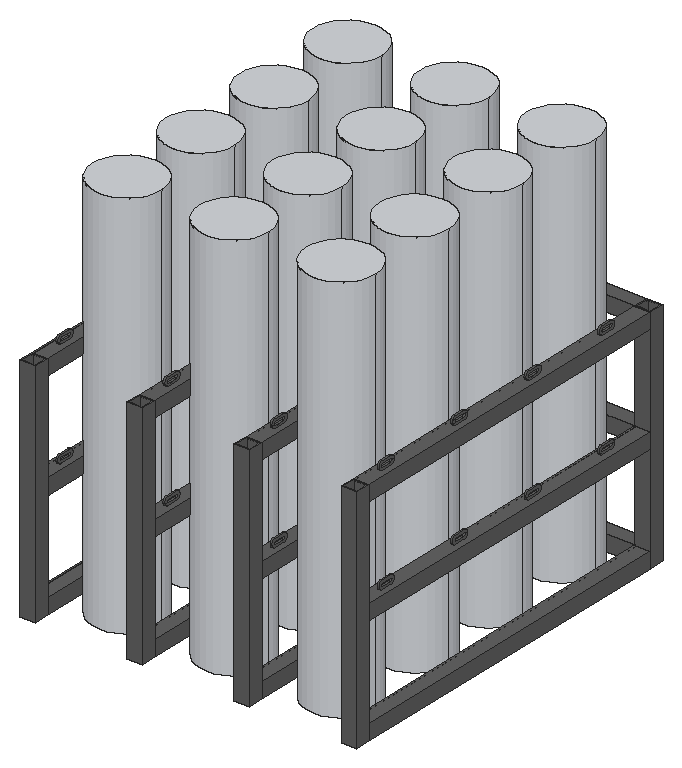
Revit family "3x4-cylinder-rack-BR3X4FS-USAsafety", category Generic Models, Revit 2014
Parameters
  Supplier = "USA Safety Solutions, Inc (www.usasafety.com)"
  Order or Request Quote = "http://www.usasafety.com/contacts"
  URL = "http://www.usasafety.com/3x4-gas-cylinder-rack-barricade-12-cylinders-p-68.html"
  Supplier Email = "sales@usasafety.com"
  Supplier Phone = "1-877-805-8650"
  Capacity = "1-12 cylinders (up to 12\" diameter)"
  Compliance = "NFPA, CGA, OSHA compliant (when used in accordance with guidelines)"
  Model = "#BR3X4FS"
  Manufacturer = ""
  Description = "Gas cylinder storage rack"
  Mounting = "Pre-drilled .531 inch diameter floor mounting holes"
  Accessories = "Two levels of welded steel chains, snaps for each cylinder"
  Weight = "308 lbs"
Reference planes (in)
  plane 1 "Center (Front/Back)": y = 0
  plane 2: z = 0
  plane 3 "Center (Left/Right)": x = 0
  plane 4: through (0.875, -174.54813, -10.63105) normal (0, -0.2588, 0.9659)
  plane 5: through (0.875, -174.54813, -24.63105) normal (0, -0.2588, 0.9659)
  plane 6: through (0.875, -162.54813, -10.63105) normal (0, -0.2588, 0.9659)
  plane 7: through (0.875, -162.54813, -24.63105) normal (0, -0.2588, 0.9659)
  plane 8: through (0.875, -186.54813, -10.63105) normal (0, -0.2588, 0.9659)
  plane 9: through (0.875, -186.54813, -24.63105) normal (0, -0.2588, 0.9659)
  plane 10: through (0.875, -198.54813, -10.63105) normal (0, -0.2588, 0.9659)
  plane 11: through (0.875, -198.54813, -24.63105) normal (0, -0.2588, 0.9659)
Forms (in)
  Extrusion 1, solid, material "USA Safety Steel, Paint Finish, Black, Glossy"
    sketch origin (0, 0, 0) x (1, 0, 0) y (0, 1, 0)
      loop
        line (0, 0) -> (0, -2) -> (2, -2) -> (2, 0) -> (0, 0)
      loop
        line (1.875, -0.125) -> (0.125, -0.125) -> (0.125, -1.875) -> (1.875, -1.875) -> (1.875, -0.125)
    from 0 to 30
  Extrusion 2, solid, material "USA Safety Steel, Paint Finish, Black, Glossy"
    sketch origin (14, 0, 0) x (1, 0, 0) y (0, 1, 0)
      loop
        line (0, 0) -> (0, -2) -> (2, -2) -> (2, 0) -> (0, 0)
      loop
        line (1.875, -0.125) -> (0.125, -0.125) -> (0.125, -1.875) -> (1.875, -1.875) -> (1.875, -0.125)
    from 0 to 30
  Extrusion 3, solid, material "USA Safety Steel, Paint Finish, Black, Glossy"
    sketch origin (0, -48, 0) x (1, 0, 0) y (0, 1, 0)
      loop
        line (0, 0) -> (0, -2) -> (2, -2) -> (2, 0) -> (0, 0)
      loop
        line (1.875, -0.125) -> (0.125, -0.125) -> (0.125, -1.875) -> (1.875, -1.875) -> (1.875, -0.125)
    from 0 to 30
  Extrusion 4, solid, material "USA Safety Steel, Paint Finish, Black, Glossy"
    sketch origin (14, -48, 0) x (1, 0, 0) y (0, 1, 0)
      loop
        line (0, 0) -> (0, -2) -> (2, -2) -> (2, 0) -> (0, 0)
      loop
        line (1.875, -0.125) -> (0.125, -0.125) -> (0.125, -1.875) -> (1.875, -1.875) -> (1.875, -0.125)
    from 0 to 30
  Extrusion 5, solid, material "USA Safety Steel, Paint Finish, Black, Glossy"
    sketch origin (2, 0, 2) x (0, 0, -1) y (0, 1, 0)
      loop
        line (0, 0) -> (0, -2) -> (2, -2) -> (2, 0) -> (0, 0)
      loop
        line (1.875, -0.125) -> (0.125, -0.125) -> (0.125, -1.875) -> (1.875, -1.875) -> (1.875, -0.125)
    from 0 to 12
  Extrusion 6, solid, material "USA Safety Steel, Paint Finish, Black, Glossy"
    sketch origin (2, 0, 30) x (0, 0, -1) y (0, 1, 0)
      loop
        line (0, 0) -> (0, -2) -> (2, -2) -> (2, 0) -> (0, 0)
      loop
        line (1.875, -0.125) -> (0.125, -0.125) -> (0.125, -1.875) -> (1.875, -1.875) -> (1.875, -0.125)
    from 0 to 12
  Extrusion 7, solid, material "USA Safety Steel, Paint Finish, Black, Glossy"
    sketch origin (2, 0, 16) x (0, 0, -1) y (0, 1, 0)
      loop
        line (0, 0) -> (0, -2) -> (2, -2) -> (2, 0) -> (0, 0)
      loop
        line (1.875, -0.125) -> (0.125, -0.125) -> (0.125, -1.875) -> (1.875, -1.875) -> (1.875, -0.125)
    from 0 to 12
  Extrusion 8, solid, material "USA Safety Steel, Paint Finish, Black, Glossy"
    sketch origin (0, -14, 2) x (0, 0, -1) y (-1, 0, 0)
      loop
        line (0, 0) -> (0, -2) -> (2, -2) -> (2, 0) -> (0, 0)
      loop
        line (1.875, -0.125) -> (0.125, -0.125) -> (0.125, -1.875) -> (1.875, -1.875) -> (1.875, -0.125)
    from -34 to 12
  Extrusion 9, solid, material "USA Safety Steel, Paint Finish, Black, Glossy"
    sketch origin (0, -14, 30) x (0, 0, -1) y (-1, 0, 0)
      loop
        line (0, 0) -> (0, -2) -> (2, -2) -> (2, 0) -> (0, 0)
      loop
        line (1.875, -0.125) -> (0.125, -0.125) -> (0.125, -1.875) -> (1.875, -1.875) -> (1.875, -0.125)
    from -34 to 12
  Extrusion 10, solid, material "USA Safety Steel, Paint Finish, Black, Glossy"
    sketch origin (0, -14, 16) x (0, 0, -1) y (-1, 0, 0)
      loop
        line (0, 0) -> (0, -2) -> (2, -2) -> (2, 0) -> (0, 0)
      loop
        line (1.875, -0.125) -> (0.125, -0.125) -> (0.125, -1.875) -> (1.875, -1.875) -> (1.875, -0.125)
    from -34 to 12
  Extrusion 11, solid, material "USA Safety Steel, Paint Finish, Black, Glossy"
    sketch origin (14, -14, 2) x (0, 0, -1) y (-1, 0, 0)
      loop
        line (0, 0) -> (0, -2) -> (2, -2) -> (2, 0) -> (0, 0)
      loop
        line (1.875, -0.125) -> (0.125, -0.125) -> (0.125, -1.875) -> (1.875, -1.875) -> (1.875, -0.125)
    from -34 to 12
  Extrusion 12, solid, material "USA Safety Steel, Paint Finish, Black, Glossy"
    sketch origin (14, -14, 30) x (0, 0, -1) y (-1, 0, 0)
      loop
        line (0, 0) -> (0, -2) -> (2, -2) -> (2, 0) -> (0, 0)
      loop
        line (1.875, -0.125) -> (0.125, -0.125) -> (0.125, -1.875) -> (1.875, -1.875) -> (1.875, -0.125)
    from -34 to 12
  Extrusion 13, solid, material "USA Safety Steel, Paint Finish, Black, Glossy"
    sketch origin (14, -14, 16) x (0, 0, -1) y (-1, 0, 0)
      loop
        line (0, 0) -> (0, -2) -> (2, -2) -> (2, 0) -> (0, 0)
      loop
        line (1.875, -0.125) -> (0.125, -0.125) -> (0.125, -1.875) -> (1.875, -1.875) -> (1.875, -0.125)
    from -34 to 12
  Extrusion 14, solid, material "USA Safety Steel, Paint Finish, Black, Glossy"
    sketch origin (15.125, -11.78704, 39.90169) x (0, -1, 0) y (0, 0, 1)
      loop
        line (19.54046, -9.90169) -> (20.88546, -9.90169)
        arc (20.88546, -9.90169) -> (21.40046, -9.38669) -> (20.88546, -8.87169) r 0.515
        line (20.88546, -8.87169) -> (19.54046, -8.87169)
        arc (19.54046, -8.87169) -> (19.02546, -9.38669) -> (19.54046, -9.90169) r 0.515
      loop
        line (19.54046, -9.65169) -> (20.88546, -9.65169)
        arc (20.88546, -9.65169) -> (21.15046, -9.38669) -> (20.88546, -9.12169) r 0.265
        line (20.88546, -9.12169) -> (19.54046, -9.12169)
        arc (19.54046, -9.12169) -> (19.27546, -9.38669) -> (19.54046, -9.65169) r 0.265
    from 0 to 0.25
  Extrusion 15, solid, material "USA Safety Steel, Paint Finish, Black, Glossy"
    sketch origin (1.125, -11.78704, 39.90169) x (0, -1, 0) y (0, 0, 1)
      loop
        line (19.54046, -9.90169) -> (20.88546, -9.90169)
        arc (20.88546, -9.90169) -> (21.40046, -9.38669) -> (20.88546, -8.87169) r 0.515
        line (20.88546, -8.87169) -> (19.54046, -8.87169)
        arc (19.54046, -8.87169) -> (19.02546, -9.38669) -> (19.54046, -9.90169) r 0.515
      loop
        line (19.54046, -9.65169) -> (20.88546, -9.65169)
        arc (20.88546, -9.65169) -> (21.15046, -9.38669) -> (20.88546, -9.12169) r 0.265
        line (20.88546, -9.12169) -> (19.54046, -9.12169)
        arc (19.54046, -9.12169) -> (19.27546, -9.38669) -> (19.54046, -9.65169) r 0.265
    from 0 to 0.25
  Extrusion 16, solid, material "USA Safety Steel, Paint Finish, Black, Glossy"
    sketch origin (15.125, -11.78704, 25.90169) x (0, -1, 0) y (0, 0, 1)
      loop
        line (19.54046, -9.90169) -> (20.88546, -9.90169)
        arc (20.88546, -9.90169) -> (21.40046, -9.38669) -> (20.88546, -8.87169) r 0.515
        line (20.88546, -8.87169) -> (19.54046, -8.87169)
        arc (19.54046, -8.87169) -> (19.02546, -9.38669) -> (19.54046, -9.90169) r 0.515
      loop
        line (19.54046, -9.65169) -> (20.88546, -9.65169)
        arc (20.88546, -9.65169) -> (21.15046, -9.38669) -> (20.88546, -9.12169) r 0.265
        line (20.88546, -9.12169) -> (19.54046, -9.12169)
        arc (19.54046, -9.12169) -> (19.27546, -9.38669) -> (19.54046, -9.65169) r 0.265
    from 0 to 0.25
  Extrusion 17, solid, material "USA Safety Steel, Paint Finish, Black, Glossy"
    sketch origin (1.125, -11.78704, 25.90169) x (0, -1, 0) y (0, 0, 1)
      loop
        line (19.54046, -9.90169) -> (20.88546, -9.90169)
        arc (20.88546, -9.90169) -> (21.40046, -9.38669) -> (20.88546, -8.87169) r 0.515
        line (20.88546, -8.87169) -> (19.54046, -8.87169)
        arc (19.54046, -8.87169) -> (19.02546, -9.38669) -> (19.54046, -9.90169) r 0.515
      loop
        line (19.54046, -9.65169) -> (20.88546, -9.65169)
        arc (20.88546, -9.65169) -> (21.15046, -9.38669) -> (20.88546, -9.12169) r 0.265
        line (20.88546, -9.12169) -> (19.54046, -9.12169)
        arc (19.54046, -9.12169) -> (19.27546, -9.38669) -> (19.54046, -9.65169) r 0.265
    from 0 to 0.25
  Extrusion 18, solid, material "USA Safety Steel, Paint Finish, Black, Glossy"
    sketch origin (15.125, 0.21296, 39.90169) x (0, -1, 0) y (0, 0, 1)
      loop
        line (19.54046, -9.90169) -> (20.88546, -9.90169)
        arc (20.88546, -9.90169) -> (21.40046, -9.38669) -> (20.88546, -8.87169) r 0.515
        line (20.88546, -8.87169) -> (19.54046, -8.87169)
        arc (19.54046, -8.87169) -> (19.02546, -9.38669) -> (19.54046, -9.90169) r 0.515
      loop
        line (19.54046, -9.65169) -> (20.88546, -9.65169)
        arc (20.88546, -9.65169) -> (21.15046, -9.38669) -> (20.88546, -9.12169) r 0.265
        line (20.88546, -9.12169) -> (19.54046, -9.12169)
        arc (19.54046, -9.12169) -> (19.27546, -9.38669) -> (19.54046, -9.65169) r 0.265
    from 0 to 0.25
  Extrusion 19, solid, material "USA Safety Steel, Paint Finish, Black, Glossy"
    sketch origin (1.125, 0.21296, 39.90169) x (0, -1, 0) y (0, 0, 1)
      loop
        line (19.54046, -9.90169) -> (20.88546, -9.90169)
        arc (20.88546, -9.90169) -> (21.40046, -9.38669) -> (20.88546, -8.87169) r 0.515
        line (20.88546, -8.87169) -> (19.54046, -8.87169)
        arc (19.54046, -8.87169) -> (19.02546, -9.38669) -> (19.54046, -9.90169) r 0.515
      loop
        line (19.54046, -9.65169) -> (20.88546, -9.65169)
        arc (20.88546, -9.65169) -> (21.15046, -9.38669) -> (20.88546, -9.12169) r 0.265
        line (20.88546, -9.12169) -> (19.54046, -9.12169)
        arc (19.54046, -9.12169) -> (19.27546, -9.38669) -> (19.54046, -9.65169) r 0.265
    from 0 to 0.25
  Extrusion 20, solid, material "USA Safety Steel, Paint Finish, Black, Glossy"
    sketch origin (15.125, 0.21296, 25.90169) x (0, -1, 0) y (0, 0, 1)
      loop
        line (19.54046, -9.90169) -> (20.88546, -9.90169)
        arc (20.88546, -9.90169) -> (21.40046, -9.38669) -> (20.88546, -8.87169) r 0.515
        line (20.88546, -8.87169) -> (19.54046, -8.87169)
        arc (19.54046, -8.87169) -> (19.02546, -9.38669) -> (19.54046, -9.90169) r 0.515
      loop
        line (19.54046, -9.65169) -> (20.88546, -9.65169)
        arc (20.88546, -9.65169) -> (21.15046, -9.38669) -> (20.88546, -9.12169) r 0.265
        line (20.88546, -9.12169) -> (19.54046, -9.12169)
        arc (19.54046, -9.12169) -> (19.27546, -9.38669) -> (19.54046, -9.65169) r 0.265
    from 0 to 0.25
  Extrusion 21, solid, material "USA Safety Steel, Paint Finish, Black, Glossy"
    sketch origin (1.125, 0.21296, 25.90169) x (0, -1, 0) y (0, 0, 1)
      loop
        line (19.54046, -9.90169) -> (20.88546, -9.90169)
        arc (20.88546, -9.90169) -> (21.40046, -9.38669) -> (20.88546, -8.87169) r 0.515
        line (20.88546, -8.87169) -> (19.54046, -8.87169)
        arc (19.54046, -8.87169) -> (19.02546, -9.38669) -> (19.54046, -9.90169) r 0.515
      loop
        line (19.54046, -9.65169) -> (20.88546, -9.65169)
        arc (20.88546, -9.65169) -> (21.15046, -9.38669) -> (20.88546, -9.12169) r 0.265
        line (20.88546, -9.12169) -> (19.54046, -9.12169)
        arc (19.54046, -9.12169) -> (19.27546, -9.38669) -> (19.54046, -9.65169) r 0.265
    from 0 to 0.25
  Extrusion 22, solid
    sketch origin (1.65257, -9.13271, 0) x (1, 0, 0) y (0, 1, 0)
      loop
        circle (6.34743, -9.36729) r 4.5
    from 0 to 51
  Extrusion 23, solid
    sketch origin (1.65257, -21.13271, 0) x (1, 0, 0) y (0, 1, 0)
      loop
        circle (6.34743, -9.36729) r 4.5
    from 0 to 51
  Extrusion 24, solid, material "USA Safety Steel, Paint Finish, Black, Glossy"
    sketch origin (15.125, 12.21296, 39.90169) x (0, -1, 0) y (0, 0, 1)
      loop
        line (19.54046, -9.90169) -> (20.88546, -9.90169)
        arc (20.88546, -9.90169) -> (21.40046, -9.38669) -> (20.88546, -8.87169) r 0.515
        line (20.88546, -8.87169) -> (19.54046, -8.87169)
        arc (19.54046, -8.87169) -> (19.02546, -9.38669) -> (19.54046, -9.90169) r 0.515
      loop
        line (19.54046, -9.65169) -> (20.88546, -9.65169)
        arc (20.88546, -9.65169) -> (21.15046, -9.38669) -> (20.88546, -9.12169) r 0.265
        line (20.88546, -9.12169) -> (19.54046, -9.12169)
        arc (19.54046, -9.12169) -> (19.27546, -9.38669) -> (19.54046, -9.65169) r 0.265
    from 0 to 0.25
  Extrusion 25, solid, material "USA Safety Steel, Paint Finish, Black, Glossy"
    sketch origin (1.125, 12.21296, 39.90169) x (0, -1, 0) y (0, 0, 1)
      loop
        line (19.54046, -9.90169) -> (20.88546, -9.90169)
        arc (20.88546, -9.90169) -> (21.40046, -9.38669) -> (20.88546, -8.87169) r 0.515
        line (20.88546, -8.87169) -> (19.54046, -8.87169)
        arc (19.54046, -8.87169) -> (19.02546, -9.38669) -> (19.54046, -9.90169) r 0.515
      loop
        line (19.54046, -9.65169) -> (20.88546, -9.65169)
        arc (20.88546, -9.65169) -> (21.15046, -9.38669) -> (20.88546, -9.12169) r 0.265
        line (20.88546, -9.12169) -> (19.54046, -9.12169)
        arc (19.54046, -9.12169) -> (19.27546, -9.38669) -> (19.54046, -9.65169) r 0.265
    from 0 to 0.25
  Extrusion 26, solid, material "USA Safety Steel, Paint Finish, Black, Glossy"
    sketch origin (15.125, 12.21296, 25.90169) x (0, -1, 0) y (0, 0, 1)
      loop
        line (19.54046, -9.90169) -> (20.88546, -9.90169)
        arc (20.88546, -9.90169) -> (21.40046, -9.38669) -> (20.88546, -8.87169) r 0.515
        line (20.88546, -8.87169) -> (19.54046, -8.87169)
        arc (19.54046, -8.87169) -> (19.02546, -9.38669) -> (19.54046, -9.90169) r 0.515
      loop
        line (19.54046, -9.65169) -> (20.88546, -9.65169)
        arc (20.88546, -9.65169) -> (21.15046, -9.38669) -> (20.88546, -9.12169) r 0.265
        line (20.88546, -9.12169) -> (19.54046, -9.12169)
        arc (19.54046, -9.12169) -> (19.27546, -9.38669) -> (19.54046, -9.65169) r 0.265
    from 0 to 0.25
  Extrusion 27, solid, material "USA Safety Steel, Paint Finish, Black, Glossy"
    sketch origin (1.125, 12.21296, 25.90169) x (0, -1, 0) y (0, 0, 1)
      loop
        line (19.54046, -9.90169) -> (20.88546, -9.90169)
        arc (20.88546, -9.90169) -> (21.40046, -9.38669) -> (20.88546, -8.87169) r 0.515
        line (20.88546, -8.87169) -> (19.54046, -8.87169)
        arc (19.54046, -8.87169) -> (19.02546, -9.38669) -> (19.54046, -9.90169) r 0.515
      loop
        line (19.54046, -9.65169) -> (20.88546, -9.65169)
        arc (20.88546, -9.65169) -> (21.15046, -9.38669) -> (20.88546, -9.12169) r 0.265
        line (20.88546, -9.12169) -> (19.54046, -9.12169)
        arc (19.54046, -9.12169) -> (19.27546, -9.38669) -> (19.54046, -9.65169) r 0.265
    from 0 to 0.25
  Extrusion 28, solid
    sketch origin (1.65257, 2.86729, 0) x (1, 0, 0) y (0, 1, 0)
      loop
        circle (6.34743, -9.36729) r 4.5
    from 0 to 51
  Extrusion 29, solid, material "USA Safety Steel, Paint Finish, Black, Glossy"
    sketch origin (15.125, -23.78704, 39.90169) x (0, -1, 0) y (0, 0, 1)
      loop
        line (19.54046, -9.90169) -> (20.88546, -9.90169)
        arc (20.88546, -9.90169) -> (21.40046, -9.38669) -> (20.88546, -8.87169) r 0.515
        line (20.88546, -8.87169) -> (19.54046, -8.87169)
        arc (19.54046, -8.87169) -> (19.02546, -9.38669) -> (19.54046, -9.90169) r 0.515
      loop
        line (19.54046, -9.65169) -> (20.88546, -9.65169)
        arc (20.88546, -9.65169) -> (21.15046, -9.38669) -> (20.88546, -9.12169) r 0.265
        line (20.88546, -9.12169) -> (19.54046, -9.12169)
        arc (19.54046, -9.12169) -> (19.27546, -9.38669) -> (19.54046, -9.65169) r 0.265
    from 0 to 0.25
  Extrusion 30, solid, material "USA Safety Steel, Paint Finish, Black, Glossy"
    sketch origin (1.125, -23.78704, 39.90169) x (0, -1, 0) y (0, 0, 1)
      loop
        line (19.54046, -9.90169) -> (20.88546, -9.90169)
        arc (20.88546, -9.90169) -> (21.40046, -9.38669) -> (20.88546, -8.87169) r 0.515
        line (20.88546, -8.87169) -> (19.54046, -8.87169)
        arc (19.54046, -8.87169) -> (19.02546, -9.38669) -> (19.54046, -9.90169) r 0.515
      loop
        line (19.54046, -9.65169) -> (20.88546, -9.65169)
        arc (20.88546, -9.65169) -> (21.15046, -9.38669) -> (20.88546, -9.12169) r 0.265
        line (20.88546, -9.12169) -> (19.54046, -9.12169)
        arc (19.54046, -9.12169) -> (19.27546, -9.38669) -> (19.54046, -9.65169) r 0.265
    from 0 to 0.25
  Extrusion 31, solid, material "USA Safety Steel, Paint Finish, Black, Glossy"
    sketch origin (15.125, -23.78704, 25.90169) x (0, -1, 0) y (0, 0, 1)
      loop
        line (19.54046, -9.90169) -> (20.88546, -9.90169)
        arc (20.88546, -9.90169) -> (21.40046, -9.38669) -> (20.88546, -8.87169) r 0.515
        line (20.88546, -8.87169) -> (19.54046, -8.87169)
        arc (19.54046, -8.87169) -> (19.02546, -9.38669) -> (19.54046, -9.90169) r 0.515
      loop
        line (19.54046, -9.65169) -> (20.88546, -9.65169)
        arc (20.88546, -9.65169) -> (21.15046, -9.38669) -> (20.88546, -9.12169) r 0.265
        line (20.88546, -9.12169) -> (19.54046, -9.12169)
        arc (19.54046, -9.12169) -> (19.27546, -9.38669) -> (19.54046, -9.65169) r 0.265
    from 0 to 0.25
  Extrusion 32, solid, material "USA Safety Steel, Paint Finish, Black, Glossy"
    sketch origin (1.125, -23.78704, 25.90169) x (0, -1, 0) y (0, 0, 1)
      loop
        line (19.54046, -9.90169) -> (20.88546, -9.90169)
        arc (20.88546, -9.90169) -> (21.40046, -9.38669) -> (20.88546, -8.87169) r 0.515
        line (20.88546, -8.87169) -> (19.54046, -8.87169)
        arc (19.54046, -8.87169) -> (19.02546, -9.38669) -> (19.54046, -9.90169) r 0.515
      loop
        line (19.54046, -9.65169) -> (20.88546, -9.65169)
        arc (20.88546, -9.65169) -> (21.15046, -9.38669) -> (20.88546, -9.12169) r 0.265
        line (20.88546, -9.12169) -> (19.54046, -9.12169)
        arc (19.54046, -9.12169) -> (19.27546, -9.38669) -> (19.54046, -9.65169) r 0.265
    from 0 to 0.25
  Extrusion 33, solid
    sketch origin (1.65257, -33.13271, 0) x (1, 0, 0) y (0, 1, 0)
      loop
        circle (6.34743, -9.36729) r 4.5
    from 0 to 51
  Extrusion 34, solid, material "USA Safety Steel, Paint Finish, Black, Glossy"
    sketch origin (28, 0, 0) x (1, 0, 0) y (0, 1, 0)
      loop
        line (0, 0) -> (0, -2) -> (2, -2) -> (2, 0) -> (0, 0)
      loop
        line (1.875, -0.125) -> (0.125, -0.125) -> (0.125, -1.875) -> (1.875, -1.875) -> (1.875, -0.125)
    from 0 to 30
  Extrusion 35, solid, material "USA Safety Steel, Paint Finish, Black, Glossy"
    sketch origin (28, -48, 0) x (1, 0, 0) y (0, 1, 0)
      loop
        line (0, 0) -> (0, -2) -> (2, -2) -> (2, 0) -> (0, 0)
      loop
        line (1.875, -0.125) -> (0.125, -0.125) -> (0.125, -1.875) -> (1.875, -1.875) -> (1.875, -0.125)
    from 0 to 30
  Extrusion 36, solid, material "USA Safety Steel, Paint Finish, Black, Glossy"
    sketch origin (16, 0, 2) x (0, 0, -1) y (0, 1, 0)
      loop
        line (0, 0) -> (0, -2) -> (2, -2) -> (2, 0) -> (0, 0)
      loop
        line (1.875, -0.125) -> (0.125, -0.125) -> (0.125, -1.875) -> (1.875, -1.875) -> (1.875, -0.125)
    from 0 to 12
  Extrusion 37, solid, material "USA Safety Steel, Paint Finish, Black, Glossy"
    sketch origin (16, 0, 30) x (0, 0, -1) y (0, 1, 0)
      loop
        line (0, 0) -> (0, -2) -> (2, -2) -> (2, 0) -> (0, 0)
      loop
        line (1.875, -0.125) -> (0.125, -0.125) -> (0.125, -1.875) -> (1.875, -1.875) -> (1.875, -0.125)
    from 0 to 12
  Extrusion 38, solid, material "USA Safety Steel, Paint Finish, Black, Glossy"
    sketch origin (16, 0, 16) x (0, 0, -1) y (0, 1, 0)
      loop
        line (0, 0) -> (0, -2) -> (2, -2) -> (2, 0) -> (0, 0)
      loop
        line (1.875, -0.125) -> (0.125, -0.125) -> (0.125, -1.875) -> (1.875, -1.875) -> (1.875, -0.125)
    from 0 to 12
  Extrusion 39, solid, material "USA Safety Steel, Paint Finish, Black, Glossy"
    sketch origin (28, -14, 2) x (0, 0, -1) y (-1, 0, 0)
      loop
        line (0, 0) -> (0, -2) -> (2, -2) -> (2, 0) -> (0, 0)
      loop
        line (1.875, -0.125) -> (0.125, -0.125) -> (0.125, -1.875) -> (1.875, -1.875) -> (1.875, -0.125)
    from -34 to 12
  Extrusion 40, solid, material "USA Safety Steel, Paint Finish, Black, Glossy"
    sketch origin (28, -14, 30) x (0, 0, -1) y (-1, 0, 0)
      loop
        line (0, 0) -> (0, -2) -> (2, -2) -> (2, 0) -> (0, 0)
      loop
        line (1.875, -0.125) -> (0.125, -0.125) -> (0.125, -1.875) -> (1.875, -1.875) -> (1.875, -0.125)
    from -34 to 12
  Extrusion 41, solid, material "USA Safety Steel, Paint Finish, Black, Glossy"
    sketch origin (28, -14, 16) x (0, 0, -1) y (-1, 0, 0)
      loop
        line (0, 0) -> (0, -2) -> (2, -2) -> (2, 0) -> (0, 0)
      loop
        line (1.875, -0.125) -> (0.125, -0.125) -> (0.125, -1.875) -> (1.875, -1.875) -> (1.875, -0.125)
    from -34 to 12
  Extrusion 42, solid, material "USA Safety Steel, Paint Finish, Black, Glossy"
    sketch origin (29.125, -11.78704, 39.90169) x (0, -1, 0) y (0, 0, 1)
      loop
        line (19.54046, -9.90169) -> (20.88546, -9.90169)
        arc (20.88546, -9.90169) -> (21.40046, -9.38669) -> (20.88546, -8.87169) r 0.515
        line (20.88546, -8.87169) -> (19.54046, -8.87169)
        arc (19.54046, -8.87169) -> (19.02546, -9.38669) -> (19.54046, -9.90169) r 0.515
      loop
        line (19.54046, -9.65169) -> (20.88546, -9.65169)
        arc (20.88546, -9.65169) -> (21.15046, -9.38669) -> (20.88546, -9.12169) r 0.265
        line (20.88546, -9.12169) -> (19.54046, -9.12169)
        arc (19.54046, -9.12169) -> (19.27546, -9.38669) -> (19.54046, -9.65169) r 0.265
    from 0 to 0.25
  Extrusion 43, solid, material "USA Safety Steel, Paint Finish, Black, Glossy"
    sketch origin (29.125, -11.78704, 25.90169) x (0, -1, 0) y (0, 0, 1)
      loop
        line (19.54046, -9.90169) -> (20.88546, -9.90169)
        arc (20.88546, -9.90169) -> (21.40046, -9.38669) -> (20.88546, -8.87169) r 0.515
        line (20.88546, -8.87169) -> (19.54046, -8.87169)
        arc (19.54046, -8.87169) -> (19.02546, -9.38669) -> (19.54046, -9.90169) r 0.515
      loop
        line (19.54046, -9.65169) -> (20.88546, -9.65169)
        arc (20.88546, -9.65169) -> (21.15046, -9.38669) -> (20.88546, -9.12169) r 0.265
        line (20.88546, -9.12169) -> (19.54046, -9.12169)
        arc (19.54046, -9.12169) -> (19.27546, -9.38669) -> (19.54046, -9.65169) r 0.265
    from 0 to 0.25
  Extrusion 44, solid, material "USA Safety Steel, Paint Finish, Black, Glossy"
    sketch origin (29.125, 0.21296, 39.90169) x (0, -1, 0) y (0, 0, 1)
      loop
        line (19.54046, -9.90169) -> (20.88546, -9.90169)
        arc (20.88546, -9.90169) -> (21.40046, -9.38669) -> (20.88546, -8.87169) r 0.515
        line (20.88546, -8.87169) -> (19.54046, -8.87169)
        arc (19.54046, -8.87169) -> (19.02546, -9.38669) -> (19.54046, -9.90169) r 0.515
      loop
        line (19.54046, -9.65169) -> (20.88546, -9.65169)
        arc (20.88546, -9.65169) -> (21.15046, -9.38669) -> (20.88546, -9.12169) r 0.265
        line (20.88546, -9.12169) -> (19.54046, -9.12169)
        arc (19.54046, -9.12169) -> (19.27546, -9.38669) -> (19.54046, -9.65169) r 0.265
    from 0 to 0.25
  Extrusion 45, solid, material "USA Safety Steel, Paint Finish, Black, Glossy"
    sketch origin (29.125, 0.21296, 25.90169) x (0, -1, 0) y (0, 0, 1)
      loop
        line (19.54046, -9.90169) -> (20.88546, -9.90169)
        arc (20.88546, -9.90169) -> (21.40046, -9.38669) -> (20.88546, -8.87169) r 0.515
        line (20.88546, -8.87169) -> (19.54046, -8.87169)
        arc (19.54046, -8.87169) -> (19.02546, -9.38669) -> (19.54046, -9.90169) r 0.515
      loop
        line (19.54046, -9.65169) -> (20.88546, -9.65169)
        arc (20.88546, -9.65169) -> (21.15046, -9.38669) -> (20.88546, -9.12169) r 0.265
        line (20.88546, -9.12169) -> (19.54046, -9.12169)
        arc (19.54046, -9.12169) -> (19.27546, -9.38669) -> (19.54046, -9.65169) r 0.265
    from 0 to 0.25
  Extrusion 46, solid
    sketch origin (15.65257, -9.13271, 0) x (1, 0, 0) y (0, 1, 0)
      loop
        circle (6.34743, -9.36729) r 4.5
    from 0 to 51
  Extrusion 47, solid
    sketch origin (15.65257, -21.13271, 0) x (1, 0, 0) y (0, 1, 0)
      loop
        circle (6.34743, -9.36729) r 4.5
    from 0 to 51
  Extrusion 48, solid, material "USA Safety Steel, Paint Finish, Black, Glossy"
    sketch origin (29.125, 12.21296, 39.90169) x (0, -1, 0) y (0, 0, 1)
      loop
        line (19.54046, -9.90169) -> (20.88546, -9.90169)
        arc (20.88546, -9.90169) -> (21.40046, -9.38669) -> (20.88546, -8.87169) r 0.515
        line (20.88546, -8.87169) -> (19.54046, -8.87169)
        arc (19.54046, -8.87169) -> (19.02546, -9.38669) -> (19.54046, -9.90169) r 0.515
      loop
        line (19.54046, -9.65169) -> (20.88546, -9.65169)
        arc (20.88546, -9.65169) -> (21.15046, -9.38669) -> (20.88546, -9.12169) r 0.265
        line (20.88546, -9.12169) -> (19.54046, -9.12169)
        arc (19.54046, -9.12169) -> (19.27546, -9.38669) -> (19.54046, -9.65169) r 0.265
    from 0 to 0.25
  Extrusion 49, solid, material "USA Safety Steel, Paint Finish, Black, Glossy"
    sketch origin (29.125, 12.21296, 25.90169) x (0, -1, 0) y (0, 0, 1)
      loop
        line (19.54046, -9.90169) -> (20.88546, -9.90169)
        arc (20.88546, -9.90169) -> (21.40046, -9.38669) -> (20.88546, -8.87169) r 0.515
        line (20.88546, -8.87169) -> (19.54046, -8.87169)
        arc (19.54046, -8.87169) -> (19.02546, -9.38669) -> (19.54046, -9.90169) r 0.515
      loop
        line (19.54046, -9.65169) -> (20.88546, -9.65169)
        arc (20.88546, -9.65169) -> (21.15046, -9.38669) -> (20.88546, -9.12169) r 0.265
        line (20.88546, -9.12169) -> (19.54046, -9.12169)
        arc (19.54046, -9.12169) -> (19.27546, -9.38669) -> (19.54046, -9.65169) r 0.265
    from 0 to 0.25
  Extrusion 50, solid
    sketch origin (15.65257, 2.86729, 0) x (1, 0, 0) y (0, 1, 0)
      loop
        circle (6.34743, -9.36729) r 4.5
    from 0 to 51
  Extrusion 51, solid, material "USA Safety Steel, Paint Finish, Black, Glossy"
    sketch origin (29.125, -23.78704, 39.90169) x (0, -1, 0) y (0, 0, 1)
      loop
        line (19.54046, -9.90169) -> (20.88546, -9.90169)
        arc (20.88546, -9.90169) -> (21.40046, -9.38669) -> (20.88546, -8.87169) r 0.515
        line (20.88546, -8.87169) -> (19.54046, -8.87169)
        arc (19.54046, -8.87169) -> (19.02546, -9.38669) -> (19.54046, -9.90169) r 0.515
      loop
        line (19.54046, -9.65169) -> (20.88546, -9.65169)
        arc (20.88546, -9.65169) -> (21.15046, -9.38669) -> (20.88546, -9.12169) r 0.265
        line (20.88546, -9.12169) -> (19.54046, -9.12169)
        arc (19.54046, -9.12169) -> (19.27546, -9.38669) -> (19.54046, -9.65169) r 0.265
    from 0 to 0.25
  Extrusion 52, solid, material "USA Safety Steel, Paint Finish, Black, Glossy"
    sketch origin (29.125, -23.78704, 25.90169) x (0, -1, 0) y (0, 0, 1)
      loop
        line (19.54046, -9.90169) -> (20.88546, -9.90169)
        arc (20.88546, -9.90169) -> (21.40046, -9.38669) -> (20.88546, -8.87169) r 0.515
        line (20.88546, -8.87169) -> (19.54046, -8.87169)
        arc (19.54046, -8.87169) -> (19.02546, -9.38669) -> (19.54046, -9.90169) r 0.515
      loop
        line (19.54046, -9.65169) -> (20.88546, -9.65169)
        arc (20.88546, -9.65169) -> (21.15046, -9.38669) -> (20.88546, -9.12169) r 0.265
        line (20.88546, -9.12169) -> (19.54046, -9.12169)
        arc (19.54046, -9.12169) -> (19.27546, -9.38669) -> (19.54046, -9.65169) r 0.265
    from 0 to 0.25
  Extrusion 53, solid
    sketch origin (15.65257, -33.13271, 0) x (1, 0, 0) y (0, 1, 0)
      loop
        circle (6.34743, -9.36729) r 4.5
    from 0 to 51
  Extrusion 54, solid, material "USA Safety Steel, Paint Finish, Black, Glossy"
    sketch origin (42, 0, 0) x (1, 0, 0) y (0, 1, 0)
      loop
        line (0, 0) -> (0, -2) -> (2, -2) -> (2, 0) -> (0, 0)
      loop
        line (1.875, -0.125) -> (0.125, -0.125) -> (0.125, -1.875) -> (1.875, -1.875) -> (1.875, -0.125)
    from 0 to 30
  Extrusion 55, solid, material "USA Safety Steel, Paint Finish, Black, Glossy"
    sketch origin (42, -48, 0) x (1, 0, 0) y (0, 1, 0)
      loop
        line (0, 0) -> (0, -2) -> (2, -2) -> (2, 0) -> (0, 0)
      loop
        line (1.875, -0.125) -> (0.125, -0.125) -> (0.125, -1.875) -> (1.875, -1.875) -> (1.875, -0.125)
    from 0 to 30
  Extrusion 56, solid, material "USA Safety Steel, Paint Finish, Black, Glossy"
    sketch origin (30, 0, 2) x (0, 0, -1) y (0, 1, 0)
      loop
        line (0, 0) -> (0, -2) -> (2, -2) -> (2, 0) -> (0, 0)
      loop
        line (1.875, -0.125) -> (0.125, -0.125) -> (0.125, -1.875) -> (1.875, -1.875) -> (1.875, -0.125)
    from 0 to 12
  Extrusion 57, solid, material "USA Safety Steel, Paint Finish, Black, Glossy"
    sketch origin (30, 0, 30) x (0, 0, -1) y (0, 1, 0)
      loop
        line (0, 0) -> (0, -2) -> (2, -2) -> (2, 0) -> (0, 0)
      loop
        line (1.875, -0.125) -> (0.125, -0.125) -> (0.125, -1.875) -> (1.875, -1.875) -> (1.875, -0.125)
    from 0 to 12
  Extrusion 58, solid, material "USA Safety Steel, Paint Finish, Black, Glossy"
    sketch origin (30, 0, 16) x (0, 0, -1) y (0, 1, 0)
      loop
        line (0, 0) -> (0, -2) -> (2, -2) -> (2, 0) -> (0, 0)
      loop
        line (1.875, -0.125) -> (0.125, -0.125) -> (0.125, -1.875) -> (1.875, -1.875) -> (1.875, -0.125)
    from 0 to 12
  Extrusion 59, solid, material "USA Safety Steel, Paint Finish, Black, Glossy"
    sketch origin (42, -14, 2) x (0, 0, -1) y (-1, 0, 0)
      loop
        line (0, 0) -> (0, -2) -> (2, -2) -> (2, 0) -> (0, 0)
      loop
        line (1.875, -0.125) -> (0.125, -0.125) -> (0.125, -1.875) -> (1.875, -1.875) -> (1.875, -0.125)
    from -34 to 12
  Extrusion 60, solid, material "USA Safety Steel, Paint Finish, Black, Glossy"
    sketch origin (42, -14, 30) x (0, 0, -1) y (-1, 0, 0)
      loop
        line (0, 0) -> (0, -2) -> (2, -2) -> (2, 0) -> (0, 0)
      loop
        line (1.875, -0.125) -> (0.125, -0.125) -> (0.125, -1.875) -> (1.875, -1.875) -> (1.875, -0.125)
    from -34 to 12
  Extrusion 61, solid, material "USA Safety Steel, Paint Finish, Black, Glossy"
    sketch origin (42, -14, 16) x (0, 0, -1) y (-1, 0, 0)
      loop
        line (0, 0) -> (0, -2) -> (2, -2) -> (2, 0) -> (0, 0)
      loop
        line (1.875, -0.125) -> (0.125, -0.125) -> (0.125, -1.875) -> (1.875, -1.875) -> (1.875, -0.125)
    from -34 to 12
  Extrusion 62, solid, material "USA Safety Steel, Paint Finish, Black, Glossy"
    sketch origin (43.125, -11.78704, 39.90169) x (0, -1, 0) y (0, 0, 1)
      loop
        line (19.54046, -9.90169) -> (20.88546, -9.90169)
        arc (20.88546, -9.90169) -> (21.40046, -9.38669) -> (20.88546, -8.87169) r 0.515
        line (20.88546, -8.87169) -> (19.54046, -8.87169)
        arc (19.54046, -8.87169) -> (19.02546, -9.38669) -> (19.54046, -9.90169) r 0.515
      loop
        line (19.54046, -9.65169) -> (20.88546, -9.65169)
        arc (20.88546, -9.65169) -> (21.15046, -9.38669) -> (20.88546, -9.12169) r 0.265
        line (20.88546, -9.12169) -> (19.54046, -9.12169)
        arc (19.54046, -9.12169) -> (19.27546, -9.38669) -> (19.54046, -9.65169) r 0.265
    from 0 to 0.25
  Extrusion 63, solid, material "USA Safety Steel, Paint Finish, Black, Glossy"
    sketch origin (43.125, -11.78704, 25.90169) x (0, -1, 0) y (0, 0, 1)
      loop
        line (19.54046, -9.90169) -> (20.88546, -9.90169)
        arc (20.88546, -9.90169) -> (21.40046, -9.38669) -> (20.88546, -8.87169) r 0.515
        line (20.88546, -8.87169) -> (19.54046, -8.87169)
        arc (19.54046, -8.87169) -> (19.02546, -9.38669) -> (19.54046, -9.90169) r 0.515
      loop
        line (19.54046, -9.65169) -> (20.88546, -9.65169)
        arc (20.88546, -9.65169) -> (21.15046, -9.38669) -> (20.88546, -9.12169) r 0.265
        line (20.88546, -9.12169) -> (19.54046, -9.12169)
        arc (19.54046, -9.12169) -> (19.27546, -9.38669) -> (19.54046, -9.65169) r 0.265
    from 0 to 0.25
  Extrusion 64, solid, material "USA Safety Steel, Paint Finish, Black, Glossy"
    sketch origin (43.125, 0.21296, 39.90169) x (0, -1, 0) y (0, 0, 1)
      loop
        line (19.54046, -9.90169) -> (20.88546, -9.90169)
        arc (20.88546, -9.90169) -> (21.40046, -9.38669) -> (20.88546, -8.87169) r 0.515
        line (20.88546, -8.87169) -> (19.54046, -8.87169)
        arc (19.54046, -8.87169) -> (19.02546, -9.38669) -> (19.54046, -9.90169) r 0.515
      loop
        line (19.54046, -9.65169) -> (20.88546, -9.65169)
        arc (20.88546, -9.65169) -> (21.15046, -9.38669) -> (20.88546, -9.12169) r 0.265
        line (20.88546, -9.12169) -> (19.54046, -9.12169)
        arc (19.54046, -9.12169) -> (19.27546, -9.38669) -> (19.54046, -9.65169) r 0.265
    from 0 to 0.25
  Extrusion 65, solid, material "USA Safety Steel, Paint Finish, Black, Glossy"
    sketch origin (43.125, 0.21296, 25.90169) x (0, -1, 0) y (0, 0, 1)
      loop
        line (19.54046, -9.90169) -> (20.88546, -9.90169)
        arc (20.88546, -9.90169) -> (21.40046, -9.38669) -> (20.88546, -8.87169) r 0.515
        line (20.88546, -8.87169) -> (19.54046, -8.87169)
        arc (19.54046, -8.87169) -> (19.02546, -9.38669) -> (19.54046, -9.90169) r 0.515
      loop
        line (19.54046, -9.65169) -> (20.88546, -9.65169)
        arc (20.88546, -9.65169) -> (21.15046, -9.38669) -> (20.88546, -9.12169) r 0.265
        line (20.88546, -9.12169) -> (19.54046, -9.12169)
        arc (19.54046, -9.12169) -> (19.27546, -9.38669) -> (19.54046, -9.65169) r 0.265
    from 0 to 0.25
  Extrusion 66, solid
    sketch origin (29.65257, -9.13271, 0) x (1, 0, 0) y (0, 1, 0)
      loop
        circle (6.34743, -9.36729) r 4.5
    from 0 to 51
  Extrusion 67, solid
    sketch origin (29.65257, -21.13271, 0) x (1, 0, 0) y (0, 1, 0)
      loop
        circle (6.34743, -9.36729) r 4.5
    from 0 to 51
  Extrusion 68, solid, material "USA Safety Steel, Paint Finish, Black, Glossy"
    sketch origin (43.125, 12.21296, 39.90169) x (0, -1, 0) y (0, 0, 1)
      loop
        line (19.54046, -9.90169) -> (20.88546, -9.90169)
        arc (20.88546, -9.90169) -> (21.40046, -9.38669) -> (20.88546, -8.87169) r 0.515
        line (20.88546, -8.87169) -> (19.54046, -8.87169)
        arc (19.54046, -8.87169) -> (19.02546, -9.38669) -> (19.54046, -9.90169) r 0.515
      loop
        line (19.54046, -9.65169) -> (20.88546, -9.65169)
        arc (20.88546, -9.65169) -> (21.15046, -9.38669) -> (20.88546, -9.12169) r 0.265
        line (20.88546, -9.12169) -> (19.54046, -9.12169)
        arc (19.54046, -9.12169) -> (19.27546, -9.38669) -> (19.54046, -9.65169) r 0.265
    from 0 to 0.25
  Extrusion 69, solid, material "USA Safety Steel, Paint Finish, Black, Glossy"
    sketch origin (43.125, 12.21296, 25.90169) x (0, -1, 0) y (0, 0, 1)
      loop
        line (19.54046, -9.90169) -> (20.88546, -9.90169)
        arc (20.88546, -9.90169) -> (21.40046, -9.38669) -> (20.88546, -8.87169) r 0.515
        line (20.88546, -8.87169) -> (19.54046, -8.87169)
        arc (19.54046, -8.87169) -> (19.02546, -9.38669) -> (19.54046, -9.90169) r 0.515
      loop
        line (19.54046, -9.65169) -> (20.88546, -9.65169)
        arc (20.88546, -9.65169) -> (21.15046, -9.38669) -> (20.88546, -9.12169) r 0.265
        line (20.88546, -9.12169) -> (19.54046, -9.12169)
        arc (19.54046, -9.12169) -> (19.27546, -9.38669) -> (19.54046, -9.65169) r 0.265
    from 0 to 0.25
  Extrusion 70, solid
    sketch origin (29.65257, 2.86729, 0) x (1, 0, 0) y (0, 1, 0)
      loop
        circle (6.34743, -9.36729) r 4.5
    from 0 to 51
  Extrusion 71, solid, material "USA Safety Steel, Paint Finish, Black, Glossy"
    sketch origin (43.125, -23.78704, 39.90169) x (0, -1, 0) y (0, 0, 1)
      loop
        line (19.54046, -9.90169) -> (20.88546, -9.90169)
        arc (20.88546, -9.90169) -> (21.40046, -9.38669) -> (20.88546, -8.87169) r 0.515
        line (20.88546, -8.87169) -> (19.54046, -8.87169)
        arc (19.54046, -8.87169) -> (19.02546, -9.38669) -> (19.54046, -9.90169) r 0.515
      loop
        line (19.54046, -9.65169) -> (20.88546, -9.65169)
        arc (20.88546, -9.65169) -> (21.15046, -9.38669) -> (20.88546, -9.12169) r 0.265
        line (20.88546, -9.12169) -> (19.54046, -9.12169)
        arc (19.54046, -9.12169) -> (19.27546, -9.38669) -> (19.54046, -9.65169) r 0.265
    from 0 to 0.25
  Extrusion 72, solid, material "USA Safety Steel, Paint Finish, Black, Glossy"
    sketch origin (43.125, -23.78704, 25.90169) x (0, -1, 0) y (0, 0, 1)
      loop
        line (19.54046, -9.90169) -> (20.88546, -9.90169)
        arc (20.88546, -9.90169) -> (21.40046, -9.38669) -> (20.88546, -8.87169) r 0.515
        line (20.88546, -8.87169) -> (19.54046, -8.87169)
        arc (19.54046, -8.87169) -> (19.02546, -9.38669) -> (19.54046, -9.90169) r 0.515
      loop
        line (19.54046, -9.65169) -> (20.88546, -9.65169)
        arc (20.88546, -9.65169) -> (21.15046, -9.38669) -> (20.88546, -9.12169) r 0.265
        line (20.88546, -9.12169) -> (19.54046, -9.12169)
        arc (19.54046, -9.12169) -> (19.27546, -9.38669) -> (19.54046, -9.65169) r 0.265
    from 0 to 0.25
  Extrusion 73, solid
    sketch origin (29.65257, -33.13271, 0) x (1, 0, 0) y (0, 1, 0)
      loop
        circle (6.34743, -9.36729) r 4.5
    from 0 to 51
Lines and regions (in)
  model lines
    curve 1: spline (1.125, -20, 30.78) -> (1.35926, -21, 30.51205) -> (2.04608, -21.93185, 30.26236) -> (3.13864, -22.73205, 30.04795) -> (4.5625, -23.34607, 29.88342) -> (6.22062, -23.73205, 29.78) -> (8, -23.8637, 29.74472) -> (9.77938, -23.73205, 29.78) -> (11.4375, -23.34607, 29.88342) -> (12.86136, -22.73205, 30.04795) -> (13.95392, -21.93185, 30.26236) -> (14.64074, -21, 30.51205) -> (14.875, -20, 30.78)
    curve 2: spline (1.125, -20, 16.78) -> (1.35926, -21, 16.51205) -> (2.04608, -21.93185, 16.26236) -> (3.13864, -22.73205, 16.04795) -> (4.5625, -23.34607, 15.88342) -> (6.22062, -23.73205, 15.78) -> (8, -23.8637, 15.74472) -> (9.77938, -23.73205, 15.78) -> (11.4375, -23.34607, 15.88342) -> (12.86136, -22.73205, 16.04795) -> (13.95392, -21.93185, 16.26236) -> (14.64074, -21, 16.51205) -> (14.875, -20, 16.78)
    curve 3: spline (1.125, -8, 30.78) -> (1.35926, -9, 30.51205) -> (2.04608, -9.93185, 30.26236) -> (3.13864, -10.73205, 30.04795) -> (4.5625, -11.34607, 29.88342) -> (6.22062, -11.73205, 29.78) -> (8, -11.8637, 29.74472) -> (9.77938, -11.73205, 29.78) -> (11.4375, -11.34607, 29.88342) -> (12.86136, -10.73205, 30.04795) -> (13.95392, -9.93185, 30.26236) -> (14.64074, -9, 30.51205) -> (14.875, -8, 30.78)
    curve 4: spline (1.125, -8, 16.78) -> (1.35926, -9, 16.51205) -> (2.04608, -9.93185, 16.26236) -> (3.13864, -10.73205, 16.04795) -> (4.5625, -11.34607, 15.88342) -> (6.22062, -11.73205, 15.78) -> (8, -11.8637, 15.74472) -> (9.77938, -11.73205, 15.78) -> (11.4375, -11.34607, 15.88342) -> (12.86136, -10.73205, 16.04795) -> (13.95392, -9.93185, 16.26236) -> (14.64074, -9, 16.51205) -> (14.875, -8, 16.78)
    curve 5: spline (1.125, -32, 30.78) -> (1.35926, -33, 30.51205) -> (2.04608, -33.93185, 30.26236) -> (3.13864, -34.73205, 30.04795) -> (4.5625, -35.34607, 29.88342) -> (6.22062, -35.73205, 29.78) -> (8, -35.8637, 29.74472) -> (9.77938, -35.73205, 29.78) -> (11.4375, -35.34607, 29.88342) -> (12.86136, -34.73205, 30.04795) -> (13.95392, -33.93185, 30.26236) -> (14.64074, -33, 30.51205) -> (14.875, -32, 30.78)
    curve 6: spline (1.125, -32, 16.78) -> (1.35926, -33, 16.51205) -> (2.04608, -33.93185, 16.26236) -> (3.13864, -34.73205, 16.04795) -> (4.5625, -35.34607, 15.88342) -> (6.22062, -35.73205, 15.78) -> (8, -35.8637, 15.74472) -> (9.77938, -35.73205, 15.78) -> (11.4375, -35.34607, 15.88342) -> (12.86136, -34.73205, 16.04795) -> (13.95392, -33.93185, 16.26236) -> (14.64074, -33, 16.51205) -> (14.875, -32, 16.78)
    curve 7: spline (1.125, -44, 30.78) -> (1.35926, -45, 30.51205) -> (2.04608, -45.93185, 30.26236) -> (3.13864, -46.73205, 30.04795) -> (4.5625, -47.34607, 29.88342) -> (6.22062, -47.73205, 29.78) -> (8, -47.8637, 29.74472) -> (9.77938, -47.73205, 29.78) -> (11.4375, -47.34607, 29.88342) -> (12.86136, -46.73205, 30.04795) -> (13.95392, -45.93185, 30.26236) -> (14.64074, -45, 30.51205) -> (14.875, -44, 30.78)
    curve 8: spline (1.125, -44, 16.78) -> (1.35926, -45, 16.51205) -> (2.04608, -45.93185, 16.26236) -> (3.13864, -46.73205, 16.04795) -> (4.5625, -47.34607, 15.88342) -> (6.22062, -47.73205, 15.78) -> (8, -47.8637, 15.74472) -> (9.77938, -47.73205, 15.78) -> (11.4375, -47.34607, 15.88342) -> (12.86136, -46.73205, 16.04795) -> (13.95392, -45.93185, 16.26236) -> (14.64074, -45, 16.51205) -> (14.875, -44, 16.78)
    curve 9: spline (15.125, -20, 30.78) -> (15.35926, -21, 30.51205) -> (16.04608, -21.93185, 30.26236) -> (17.13864, -22.73205, 30.04795) -> (18.5625, -23.34607, 29.88342) -> (20.22062, -23.73205, 29.78) -> (22, -23.8637, 29.74472) -> (23.77938, -23.73205, 29.78) -> (25.4375, -23.34607, 29.88342) -> (26.86136, -22.73205, 30.04795) -> (27.95392, -21.93185, 30.26236) -> (28.64074, -21, 30.51205) -> (28.875, -20, 30.78)
    curve 10: spline (15.125, -20, 16.78) -> (15.35926, -21, 16.51205) -> (16.04608, -21.93185, 16.26236) -> (17.13864, -22.73205, 16.04795) -> (18.5625, -23.34607, 15.88342) -> (20.22062, -23.73205, 15.78) -> (22, -23.8637, 15.74472) -> (23.77938, -23.73205, 15.78) -> (25.4375, -23.34607, 15.88342) -> (26.86136, -22.73205, 16.04795) -> (27.95392, -21.93185, 16.26236) -> (28.64074, -21, 16.51205) -> (28.875, -20, 16.78)
    curve 11: spline (15.125, -8, 30.78) -> (15.35926, -9, 30.51205) -> (16.04608, -9.93185, 30.26236) -> (17.13864, -10.73205, 30.04795) -> (18.5625, -11.34607, 29.88342) -> (20.22062, -11.73205, 29.78) -> (22, -11.8637, 29.74472) -> (23.77938, -11.73205, 29.78) -> (25.4375, -11.34607, 29.88342) -> (26.86136, -10.73205, 30.04795) -> (27.95392, -9.93185, 30.26236) -> (28.64074, -9, 30.51205) -> (28.875, -8, 30.78)
    curve 12: spline (15.125, -8, 16.78) -> (15.35926, -9, 16.51205) -> (16.04608, -9.93185, 16.26236) -> (17.13864, -10.73205, 16.04795) -> (18.5625, -11.34607, 15.88342) -> (20.22062, -11.73205, 15.78) -> (22, -11.8637, 15.74472) -> (23.77938, -11.73205, 15.78) -> (25.4375, -11.34607, 15.88342) -> (26.86136, -10.73205, 16.04795) -> (27.95392, -9.93185, 16.26236) -> (28.64074, -9, 16.51205) -> (28.875, -8, 16.78)
    curve 13: spline (15.125, -32, 30.78) -> (15.35926, -33, 30.51205) -> (16.04608, -33.93185, 30.26236) -> (17.13864, -34.73205, 30.04795) -> (18.5625, -35.34607, 29.88342) -> (20.22062, -35.73205, 29.78) -> (22, -35.8637, 29.74472) -> (23.77938, -35.73205, 29.78) -> (25.4375, -35.34607, 29.88342) -> (26.86136, -34.73205, 30.04795) -> (27.95392, -33.93185, 30.26236) -> (28.64074, -33, 30.51205) -> (28.875, -32, 30.78)
    curve 14: spline (15.125, -32, 16.78) -> (15.35926, -33, 16.51205) -> (16.04608, -33.93185, 16.26236) -> (17.13864, -34.73205, 16.04795) -> (18.5625, -35.34607, 15.88342) -> (20.22062, -35.73205, 15.78) -> (22, -35.8637, 15.74472) -> (23.77938, -35.73205, 15.78) -> (25.4375, -35.34607, 15.88342) -> (26.86136, -34.73205, 16.04795) -> (27.95392, -33.93185, 16.26236) -> (28.64074, -33, 16.51205) -> (28.875, -32, 16.78)
    curve 15: spline (15.125, -44, 30.78) -> (15.35926, -45, 30.51205) -> (16.04608, -45.93185, 30.26236) -> (17.13864, -46.73205, 30.04795) -> (18.5625, -47.34607, 29.88342) -> (20.22062, -47.73205, 29.78) -> (22, -47.8637, 29.74472) -> (23.77938, -47.73205, 29.78) -> (25.4375, -47.34607, 29.88342) -> (26.86136, -46.73205, 30.04795) -> (27.95392, -45.93185, 30.26236) -> (28.64074, -45, 30.51205) -> (28.875, -44, 30.78)
    curve 16: spline (15.125, -44, 16.78) -> (15.35926, -45, 16.51205) -> (16.04608, -45.93185, 16.26236) -> (17.13864, -46.73205, 16.04795) -> (18.5625, -47.34607, 15.88342) -> (20.22062, -47.73205, 15.78) -> (22, -47.8637, 15.74472) -> (23.77938, -47.73205, 15.78) -> (25.4375, -47.34607, 15.88342) -> (26.86136, -46.73205, 16.04795) -> (27.95392, -45.93185, 16.26236) -> (28.64074, -45, 16.51205) -> (28.875, -44, 16.78)
    curve 17: spline (29.125, -20, 30.78) -> (29.35926, -21, 30.51205) -> (30.04608, -21.93185, 30.26236) -> (31.13864, -22.73205, 30.04795) -> (32.5625, -23.34607, 29.88342) -> (34.22062, -23.73205, 29.78) -> (36, -23.8637, 29.74472) -> (37.77938, -23.73205, 29.78) -> (39.4375, -23.34607, 29.88342) -> (40.86136, -22.73205, 30.04795) -> (41.95392, -21.93185, 30.26236) -> (42.64074, -21, 30.51205) -> (42.875, -20, 30.78)
    curve 18: spline (29.125, -20, 16.78) -> (29.35926, -21, 16.51205) -> (30.04608, -21.93185, 16.26236) -> (31.13864, -22.73205, 16.04795) -> (32.5625, -23.34607, 15.88342) -> (34.22062, -23.73205, 15.78) -> (36, -23.8637, 15.74472) -> (37.77938, -23.73205, 15.78) -> (39.4375, -23.34607, 15.88342) -> (40.86136, -22.73205, 16.04795) -> (41.95392, -21.93185, 16.26236) -> (42.64074, -21, 16.51205) -> (42.875, -20, 16.78)
    curve 19: spline (29.125, -8, 30.78) -> (29.35926, -9, 30.51205) -> (30.04608, -9.93185, 30.26236) -> (31.13864, -10.73205, 30.04795) -> (32.5625, -11.34607, 29.88342) -> (34.22062, -11.73205, 29.78) -> (36, -11.8637, 29.74472) -> (37.77938, -11.73205, 29.78) -> (39.4375, -11.34607, 29.88342) -> (40.86136, -10.73205, 30.04795) -> (41.95392, -9.93185, 30.26236) -> (42.64074, -9, 30.51205) -> (42.875, -8, 30.78)
    curve 20: spline (29.125, -8, 16.78) -> (29.35926, -9, 16.51205) -> (30.04608, -9.93185, 16.26236) -> (31.13864, -10.73205, 16.04795) -> (32.5625, -11.34607, 15.88342) -> (34.22062, -11.73205, 15.78) -> (36, -11.8637, 15.74472) -> (37.77938, -11.73205, 15.78) -> (39.4375, -11.34607, 15.88342) -> (40.86136, -10.73205, 16.04795) -> (41.95392, -9.93185, 16.26236) -> (42.64074, -9, 16.51205) -> (42.875, -8, 16.78)
    curve 21: spline (29.125, -32, 30.78) -> (29.35926, -33, 30.51205) -> (30.04608, -33.93185, 30.26236) -> (31.13864, -34.73205, 30.04795) -> (32.5625, -35.34607, 29.88342) -> (34.22062, -35.73205, 29.78) -> (36, -35.8637, 29.74472) -> (37.77938, -35.73205, 29.78) -> (39.4375, -35.34607, 29.88342) -> (40.86136, -34.73205, 30.04795) -> (41.95392, -33.93185, 30.26236) -> (42.64074, -33, 30.51205) -> (42.875, -32, 30.78)
    curve 22: spline (29.125, -32, 16.78) -> (29.35926, -33, 16.51205) -> (30.04608, -33.93185, 16.26236) -> (31.13864, -34.73205, 16.04795) -> (32.5625, -35.34607, 15.88342) -> (34.22062, -35.73205, 15.78) -> (36, -35.8637, 15.74472) -> (37.77938, -35.73205, 15.78) -> (39.4375, -35.34607, 15.88342) -> (40.86136, -34.73205, 16.04795) -> (41.95392, -33.93185, 16.26236) -> (42.64074, -33, 16.51205) -> (42.875, -32, 16.78)
    curve 23: spline (29.125, -44, 30.78) -> (29.35926, -45, 30.51205) -> (30.04608, -45.93185, 30.26236) -> (31.13864, -46.73205, 30.04795) -> (32.5625, -47.34607, 29.88342) -> (34.22062, -47.73205, 29.78) -> (36, -47.8637, 29.74472) -> (37.77938, -47.73205, 29.78) -> (39.4375, -47.34607, 29.88342) -> (40.86136, -46.73205, 30.04795) -> (41.95392, -45.93185, 30.26236) -> (42.64074, -45, 30.51205) -> (42.875, -44, 30.78)
    curve 24: spline (29.125, -44, 16.78) -> (29.35926, -45, 16.51205) -> (30.04608, -45.93185, 16.26236) -> (31.13864, -46.73205, 16.04795) -> (32.5625, -47.34607, 15.88342) -> (34.22062, -47.73205, 15.78) -> (36, -47.8637, 15.74472) -> (37.77938, -47.73205, 15.78) -> (39.4375, -47.34607, 15.88342) -> (40.86136, -46.73205, 16.04795) -> (41.95392, -45.93185, 16.26236) -> (42.64074, -45, 16.51205) -> (42.875, -44, 16.78)
Dimensions and locks (in)
  aligned and locked: plane 2 to level
